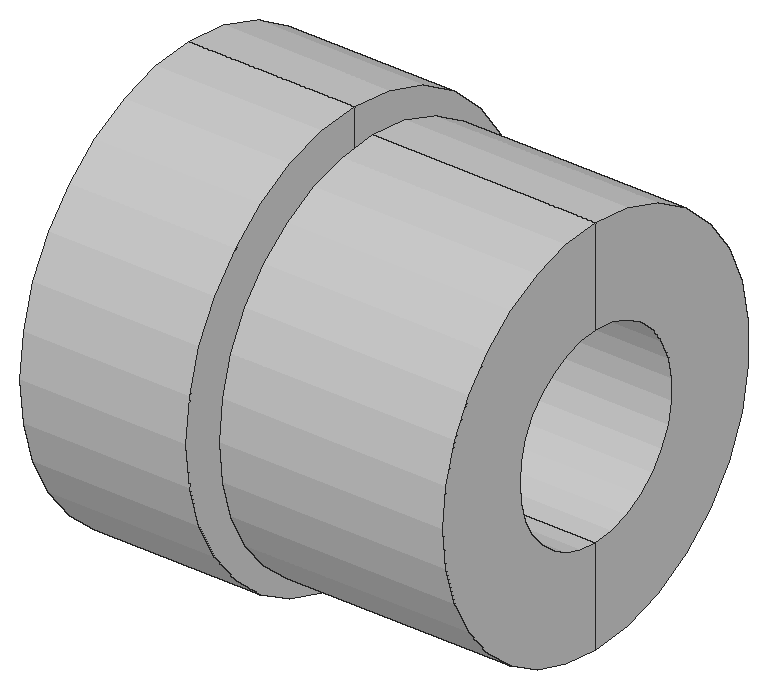
Revit family "6223 01_Gewinderohranschluss", category Rohrformteile, Revit 2021
Family settings
  Bemaßung runder Anschluss = Durchmesser verwenden
  Teiletyp = Verbindung
  OmniClass-Nummer = 23.65.55.14
  OmniClass-Titel = Valves for Liquid Services
  Arbeitsebenenbasiert = Nein
  Immer vertikal = Ja
  Beim Laden mit Abzugskörper schneiden = Nein
  Gemeinsam genutzt = Nein
Parameters (values of type "G3/4 x G1/2")
  Vorgabe-Ansicht = 0.00 mm
  URL = "www.herz-armaturen.at"
  SCRNSEQ = "AWI;AWI_TYP=\"1001\";2"
  SCRNCODE = "07;01;02"  # constant formula
  S02 = 8.00 mm  # constant formula
  S01 [instance] = GT  # 7.00 mm
  O-Ring = "EPDM"  # constant formula
  Nennweite_Klein = 15.00 mm  # constant formula
  Nennweite [instance] = 20.00 mm  # constant formula
  Mutter = "Messing CW614N, vernickelt"  # constant formula
  Max. Betriebstemperatur = 110 °C  # constant formula
  Max. Betriebsdruck = 1000000.0 Pa  # constant formula
  Medium = "Heizungswasser nach ÖNORM H5195 oder VDI- Richtlinie 2035.\r\nDie Verwendung von Ethylen- oder Propyleneglykol in einem Mischungsverhältnis 25- 50% ist zulässig."
  L02 [instance] = 17.50 mm  # constant formula
  Hinweiß = "Der O-Ring dient als zusätzliche Dichtung, bei Verlust ist der Gewinderohranschluss metallisch dichtend."
  GT1 = 11.00 mm  # constant formula
  GT [instance] = 7.00 mm  # constant formula
  L01 [instance] = 13.00 mm  # constant formula
  L00 [instance] = 31.90 mm  # constant formula
  Hersteller = "HERZ Armaturen Ges.m.b.H."  # constant formula
  D04 [instance] = 7.50 mm  # constant formula
  Bestellnummer = 1622301  # constant formula
  D03 [instance] = 15.00 mm  # constant formula
  D02 [instance] = 10.20 mm  # constant formula
  D01 [instance] = 10.00 mm  # constant formula
  D00 [instance] = 16.50 mm  # constant formula
  Ausführung = "Gewinderohranschluss mit freidrehender Mutter."
  Anschlussstück = "Messing CW614N, vernickelt"  # constant formula
Reference planes
  plane 1 "Mitte (Vorne/hinten)": y = 0
  plane 2: z = 0
  plane 3 "Mitte (Links/rechts)": x = 0
Forms (mm)
  Revolve 1, solid, material "Messing, vernickelt", detail levels fine
    sketch origin (0, 0, 0) x (1, 0, 0) y (0, 0, 1)
      loop
        line (0, 10) -> (7, 10) -> (7, 0) -> (20.9, 0) -> (20.9, 7.5) -> (31.9, 7.5) -> (31.9, 15) -> (14.4, 15) -> (14.4, 10.2) -> (13, 10.2) -> (13, 16.5) -> (0, 16.5) -> (0, 10)
      axis (0, 0) -> (31.9, 0)
    angle from 0 to 360
Lines and regions (mm)
  model lines, detail levels coarse+medium
    curve 1: line (0, 0, 0) -> (31.9, 0, 0)
    curve 2: line (7, 0, 16.5) -> (7, 0, -16.5)
    curve 3: line (7, 0, -16.5) -> (15, 0, -16.5)
    curve 4: line (15, 0, -16.5) -> (7, 0, 0)
    curve 5: line (7, 0, 16.5) -> (15, 0, 16.5)
    curve 6: line (15, 0, 16.5) -> (7, 0, 0)
    curve 7: line (7, 16.5, 0) -> (7, -16.5, 0)
    curve 8: line (7, -16.5, 0) -> (15, -16.5, 0)
    curve 9: line (15, -16.5, 0) -> (7, 0, 0)
    curve 10: line (7, 16.5, 0) -> (15, 16.5, 0)
    curve 11: line (15, 16.5, 0) -> (7, 0, 0)
Dimensions and locks
  "L01": Revolve 1 sketch curve to plane 3 "Mitte (Links/rechts)"
  "L00": Revolve 1 sketch curve to plane 3 "Mitte (Links/rechts)"
  "D00": Revolve 1 sketch curve to plane 2
  "L02": Revolve 1 sketch curve to Revolve 1 sketch curve
  "D01": Revolve 1 sketch curve to plane 2
  "D02": Revolve 1 sketch curve to plane 2
  "D03": Revolve 1 sketch curve to plane 2
  "GT": Revolve 1 sketch curve to plane 3 "Mitte (Links/rechts)"
  "L00": curve 1 to curve 1
  "S01": curve 2 to plane 3 "Mitte (Links/rechts)"
  "S02": curve 2 to curve 6
  "S02": curve 2 to curve 4
  "S01": curve 1 to curve 7
  "S02": curve 7 to curve 11
  "S02": curve 7 to curve 9
  "D00": curve 8 to plane 1 "Mitte (Vorne/hinten)" to curve 10
  "D00": curve 5 to plane 2 to curve 3
  "D04": Revolve 1 sketch curve to plane 2
  "GT1": Revolve 1 sketch curve to Revolve 1 sketch curve
  aligned and locked: level to plane 2
Automatic sketch dimensions
  curve 1 to level = 0.00 mm
  curve 1 to plane 3 "Mitte (Links/rechts)" = 0.00 mm
  curve 4 to level = 0.00 mm
  curve 6 to curve 4 = 0.00 mm
  plane 1 "Mitte (Vorne/hinten)" to curve 9 = 0.00 mm
  plane 1 "Mitte (Vorne/hinten)" to curve 11 = 0.00 mm
  Revolve 1 sketch curve to level = 0.00 mm  (x2)
  Revolve 1 sketch curve to plane 3 "Mitte (Links/rechts)" = 0.00 mm
  Revolve 1 sketch curve to plane 3 "Mitte (Links/rechts)" = 1506.53 mm
  Revolve 1 sketch curve to Revolve 1 sketch curve = 1811.148 mm
Connectors
  piping at (7, 0, 0), diameter 20, driven by "Nennweite"
    settings: on Revolve 1, index 1, connector inside diameter 609.6 mm, connector length 0.00 mm, flow factor 0, pipe flow 0.0 L/s, pressure drop 0.0 Pa, fitting loss kfactor 0, connector angle 0.00°, fixture units 0, engagement length 0.00 mm, angle of deflection 0.00°, flow configuration 0, flow direction 0, fitting loss method 0, system type 29, joint type 0, gender type 0, connector reference index -1, connector utility 0, adjustable connector no, is connector primary yes, connector description ""
  piping at (20.9, 0, 0), diameter 15, driven by "Nennweite_Klein"
    settings: on Revolve 1, index 2, connector inside diameter 609.6 mm, connector length 0.00 mm, flow factor 0, pipe flow 0.0 L/s, pressure drop 0.0 Pa, fitting loss kfactor 0, connector angle 0.00°, fixture units 0, engagement length 0.00 mm, angle of deflection 0.00°, flow configuration 0, flow direction 0, fitting loss method 0, system type 29, joint type 0, gender type 0, connector reference index -1, connector utility 0, adjustable connector no, is connector primary no, connector description ""
